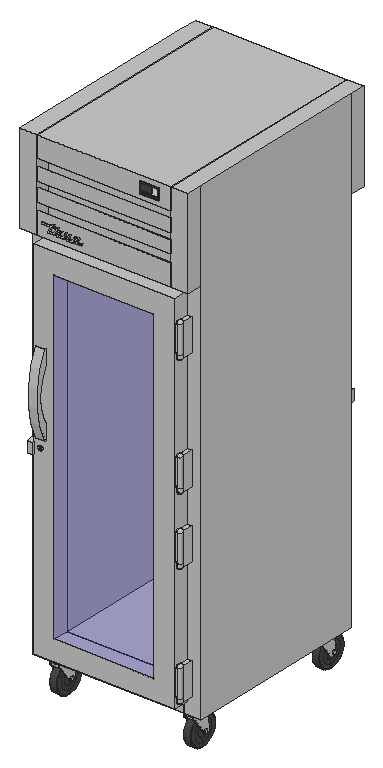
Revit family "QF_TRUE_STG1HPT-1G-1S", category Specialty Equipment, Revit 2012 (continued)
Automatic sketch dimensions
  Extrusion 9 sketch curve to Extrusion 9 sketch curve = 1.42294"
  Extrusion 9 sketch curve to plane 5 "TOP" = 19.57271"
  Extrusion 9 sketch curve to Extrusion 9 sketch curve = 4.39928"
  Extrusion 9 sketch curve to Extrusion 9 sketch curve = 0.71221"
  Revolve 10 sketch curve to plane 4 "FRONT" = 0.26521"  (x2)
  Revolve 10 sketch curve to Revolve 10 sketch curve = 0.38242"
  Revolve 10 sketch curve to Revolve 10 sketch curve = 0.38436"
  Revolve 10 sketch curve to plane 4 "FRONT" = 43/64"
  Revolve 10 sketch curve to Revolve 10 sketch curve = 0.40666"
  Revolve 10 sketch curve to Revolve 10 sketch curve = 0"
  Revolve 10 sketch curve to plane 5 "TOP" = 18.75492"
  Revolve 10 sketch curve to Revolve 10 sketch curve = 0.55526"
  Revolve 10 sketch curve to Revolve 10 sketch curve = 0.19474"
  Revolve 10 sketch curve to Revolve 10 sketch curve = 0.14649"
  Revolve 10 sketch curve to Revolve 10 sketch curve = 4.42889"
  Revolve 10 sketch curve to Revolve 10 sketch curve = 0.05342"
  Revolve 10 sketch curve to Revolve 10 sketch curve = 0.51246"
  Revolve 10 sketch curve to Revolve 10 sketch curve = 0.05889"
  Extrusion 11 sketch curve to plane 3 "RIGHT" = 1.88366"
  Extrusion 11 sketch curve to Extrusion 11 sketch curve = 0.39759"
  Extrusion 11 sketch curve to plane 5 "TOP" = 19.6514"
  Extrusion 11 sketch curve to Extrusion 11 sketch curve = 4.47281"
  Extrusion 12 sketch curve to plane 4 "FRONT" = 11/16"
  Extrusion 12 sketch curve to Extrusion 12 sketch curve = 0.43503"
  Extrusion 12 sketch curve to Extrusion 12 sketch curve = 0.20453"
  Extrusion 12 sketch curve to Extrusion 12 sketch curve = 1.42294"
  plane 6 to Extrusion 12 sketch curve = 38.92729"
  Extrusion 12 sketch curve to Extrusion 12 sketch curve = 4.39928"
  Extrusion 12 sketch curve to Extrusion 12 sketch curve = 0.71221"
  Revolve 13 sketch curve to plane 4 "FRONT" = 0.26521"  (x2)
  Revolve 13 sketch curve to Revolve 13 sketch curve = 0.38242"
  Revolve 13 sketch curve to Revolve 13 sketch curve = 0.38436"
  Revolve 13 sketch curve to plane 4 "FRONT" = 43/64"
  Revolve 13 sketch curve to Revolve 13 sketch curve = 0.40666"
  Revolve 13 sketch curve to Revolve 13 sketch curve = 0"
  Revolve 13 sketch curve to plane 5 "TOP" = 38.25492"
  Revolve 13 sketch curve to Revolve 13 sketch curve = 0.55526"
  Revolve 13 sketch curve to Revolve 13 sketch curve = 0.19474"
  Revolve 13 sketch curve to Revolve 13 sketch curve = 0.14649"
  Revolve 13 sketch curve to Revolve 13 sketch curve = 4.42889"
  Revolve 13 sketch curve to Revolve 13 sketch curve = 0.05342"
  Revolve 13 sketch curve to Revolve 13 sketch curve = 0.51246"
  Revolve 13 sketch curve to Revolve 13 sketch curve = 0.05889"
  Extrusion 14 sketch curve to plane 3 "RIGHT" = 1.88366"
  Extrusion 14 sketch curve to Extrusion 14 sketch curve = 0.39759"
  plane 6 to Extrusion 14 sketch curve = 38.8486"
  Extrusion 14 sketch curve to Extrusion 14 sketch curve = 4.47281"
  Extrusion 15 sketch curve to plane 4 "FRONT" = 11/16"
  Extrusion 15 sketch curve to Extrusion 15 sketch curve = 0.43503"
  Extrusion 15 sketch curve to Extrusion 15 sketch curve = 0.20453"
  Extrusion 15 sketch curve to Extrusion 15 sketch curve = 1.42294"
  plane 6 to Extrusion 15 sketch curve = 27.92729"
  Extrusion 15 sketch curve to Extrusion 15 sketch curve = 4.39928"
  Extrusion 15 sketch curve to Extrusion 15 sketch curve = 0.71221"
  Revolve 16 sketch curve to plane 4 "FRONT" = 0.26521"  (x2)
  Revolve 16 sketch curve to Revolve 16 sketch curve = 0.38242"
  Revolve 16 sketch curve to Revolve 16 sketch curve = 0.38436"
  Revolve 16 sketch curve to plane 4 "FRONT" = 43/64"
  Revolve 16 sketch curve to Revolve 16 sketch curve = 0.40666"
  Revolve 16 sketch curve to Revolve 16 sketch curve = 0"
  plane 6 to Revolve 16 sketch curve = 28.74508"
  Revolve 16 sketch curve to Revolve 16 sketch curve = 0.55526"
  Revolve 16 sketch curve to Revolve 16 sketch curve = 0.19474"
  Revolve 16 sketch curve to Revolve 16 sketch curve = 0.14649"
  Revolve 16 sketch curve to Revolve 16 sketch curve = 4.42889"
  Revolve 16 sketch curve to Revolve 16 sketch curve = 0.05342"
  Revolve 16 sketch curve to Revolve 16 sketch curve = 0.51246"
  Revolve 16 sketch curve to Revolve 16 sketch curve = 0.05889"
  Extrusion 17 sketch curve to plane 3 "RIGHT" = 1.88366"
  Extrusion 17 sketch curve to Extrusion 17 sketch curve = 0.39759"
  plane 6 to Extrusion 17 sketch curve = 27.8486"
  Extrusion 17 sketch curve to Extrusion 17 sketch curve = 4.47281"
  Extrusion 18 sketch curve to plane 4 "FRONT" = 11/16"
  Extrusion 18 sketch curve to Extrusion 18 sketch curve = 0.43503"
  Extrusion 18 sketch curve to Extrusion 18 sketch curve = 0.20453"
  Extrusion 18 sketch curve to Extrusion 18 sketch curve = 1.42294"
  plane 6 to Extrusion 18 sketch curve = 8.17729"
  plane 6 to Extrusion 18 sketch curve = 3.57348"
  Extrusion 18 sketch curve to Extrusion 18 sketch curve = 0.71221"
  Revolve 19 sketch curve to plane 4 "FRONT" = 0.26521"  (x2)
  Revolve 19 sketch curve to Revolve 19 sketch curve = 0.38242"
  Revolve 19 sketch curve to Revolve 19 sketch curve = 0.38436"
  Revolve 19 sketch curve to plane 4 "FRONT" = 43/64"
  Revolve 19 sketch curve to Revolve 19 sketch curve = 0.40666"
  Revolve 19 sketch curve to Revolve 19 sketch curve = 0"
  plane 6 to Revolve 19 sketch curve = 8.99508"
  Revolve 19 sketch curve to Revolve 19 sketch curve = 0.55526"
  Revolve 19 sketch curve to Revolve 19 sketch curve = 0.19474"
  Revolve 19 sketch curve to Revolve 19 sketch curve = 0.14649"
  plane 6 to Revolve 19 sketch curve = 3.62689"
  Revolve 19 sketch curve to Revolve 19 sketch curve = 0.05342"
  Revolve 19 sketch curve to Revolve 19 sketch curve = 0.51246"
  Revolve 19 sketch curve to Revolve 19 sketch curve = 0.05889"
  Extrusion 20 sketch curve to plane 3 "RIGHT" = 1.88366"
  Extrusion 20 sketch curve to Extrusion 20 sketch curve = 0.39759"
  plane 6 to Extrusion 20 sketch curve = 8.0986"
  plane 6 to Extrusion 20 sketch curve = 3.62579"
  Revolve 21 sketch curve to plane 3 "RIGHT" = 4.35148"
  Revolve 21 sketch curve to Revolve 21 sketch curve = 0.48273"
  Revolve 21 sketch curve to Revolve 21 sketch curve = 0.4"
  Revolve 21 sketch curve to Revolve 21 sketch curve = 0"  (x2)
  Revolve 21 sketch curve to Revolve 21 sketch curve = 0.1"  (x2)
  Revolve 21 sketch curve to Revolve 21 sketch curve = 0.16101"
  Revolve 21 sketch curve to Revolve 21 sketch curve = 0.75408"
  Revolve 21 sketch curve to Revolve 21 sketch curve = 0.92798"
  Revolve 21 sketch curve to Revolve 21 sketch curve = 0.06101"
  Revolve 21 sketch curve to Revolve 21 sketch curve = 1/2"
  Revolve 21 sketch curve to Revolve 21 sketch curve = 0.16509"
  Revolve 21 sketch curve to Revolve 21 sketch curve = 0.39592"
  level to Revolve 21 sketch curve = 2 1/2"
  Revolve 21 sketch curve to Revolve 21 sketch curve = 0.29941"  (x2)
  Revolve 21 sketch curve to Revolve 21 sketch curve = 3/4"  (x4)
  Revolve 21 sketch curve to Revolve 21 sketch curve = 0.59652"
  Revolve 21 sketch curve to Revolve 21 sketch curve = 0.60059"
  Extrusion 22 sketch curve to plane 6 = 0.63926"  (x2)
  Extrusion 22 sketch curve to plane 4 "FRONT" = 3.79864"
  Extrusion 22 sketch curve to Extrusion 22 sketch curve = 1/4"  (x2)
  level to Extrusion 22 sketch curve = 2.18736"  (x2)
  Extrusion 22 sketch curve to Extrusion 22 sketch curve = 1.7492"  (x2)
  Extrusion 22 sketch curve to Extrusion 22 sketch curve = 0.50669"  (x2)
  Extrusion 22 sketch curve to Extrusion 22 sketch curve = 2 1/2"  (x2)
  level to Extrusion 22 sketch curve = 2.59003"  (x2)
  Extrusion 22 sketch curve to Extrusion 22 sketch curve = 0.59966"  (x2)
  plane 7 to Extrusion 22 sketch curve = 6.6077"
  Extrusion 22 sketch curve to Extrusion 22 sketch curve = 0.60485"  (x2)
  Extrusion 23 sketch curve to plane 6 = 0.63926"  (x2)
  Extrusion 23 sketch curve to plane 4 "FRONT" = 3.79864"
  Extrusion 23 sketch curve to Extrusion 23 sketch curve = 1/4"  (x2)
  level to Extrusion 23 sketch curve = 2.18736"  (x2)
  Extrusion 23 sketch curve to Extrusion 23 sketch curve = 1.7492"  (x2)
  Extrusion 23 sketch curve to Extrusion 23 sketch curve = 0.50669"  (x2)
  Extrusion 23 sketch curve to Extrusion 23 sketch curve = 2 1/2"  (x2)
  level to Extrusion 23 sketch curve = 2.59003"  (x2)
  Extrusion 23 sketch curve to Extrusion 23 sketch curve = 0.59966"  (x2)
  plane 7 to Extrusion 23 sketch curve = 6.6077"
  Extrusion 23 sketch curve to Extrusion 23 sketch curve = 0.60485"  (x2)
  Revolve 24 sketch curve to plane 6 = 0"
  Revolve 24 sketch curve to plane 6 = 0.63926"
  Revolve 24 sketch curve to plane 3 "RIGHT" = 4.14082"
  Revolve 24 sketch curve to Revolve 24 sketch curve = 1.29707"
  Revolve 24 sketch curve to Revolve 24 sketch curve = 0"
  Revolve 24 sketch curve to Revolve 24 sketch curve = 0.09306"
  plane 6 to Revolve 24 sketch curve = 0.26768"
  Revolve 25 sketch curve to level = 0"
  Revolve 25 sketch curve to plane 6 = 0"
  Revolve 25 sketch curve to plane 3 "RIGHT" = 4.17713"
  level to Revolve 25 sketch curve = 1"
  Revolve 25 sketch curve to plane 3 "RIGHT" = 3 19/32"
  Revolve 25 sketch curve to Revolve 25 sketch curve = 1/4"
  Revolve 25 sketch curve to Revolve 25 sketch curve = 1/2"
  Revolve 25 sketch curve to Revolve 25 sketch curve = 0"
  Revolve 25 sketch curve to Revolve 25 sketch curve = 5/8"
  plane 6 to Revolve 25 sketch curve = 1 25/32"
  Revolve 26 sketch curve to level = 0"
  Revolve 26 sketch curve to plane 6 = 0"
  Revolve 26 sketch curve to plane 3 "RIGHT" = 4.17713"
  level to Revolve 26 sketch curve = 1"
  Revolve 26 sketch curve to plane 3 "RIGHT" = 3 19/32"
  Revolve 26 sketch curve to Revolve 26 sketch curve = 1/4"
  Revolve 26 sketch curve to Revolve 26 sketch curve = 1/2"
  Revolve 26 sketch curve to Revolve 26 sketch curve = 0"
  Revolve 26 sketch curve to Revolve 26 sketch curve = 5/8"
  plane 6 to Revolve 26 sketch curve = 1 25/32"
  Revolve 27 sketch curve to plane 6 = 0"
  Revolve 27 sketch curve to plane 6 = 0.63926"
  Revolve 27 sketch curve to plane 3 "RIGHT" = 4.14082"
  Revolve 27 sketch curve to Revolve 27 sketch curve = 1.29707"
  Revolve 27 sketch curve to Revolve 27 sketch curve = 0"
  Revolve 27 sketch curve to Revolve 27 sketch curve = 0.09306"
  plane 6 to Revolve 27 sketch curve = 0.26768"
  Extrusion 28 sketch curve to plane 6 = 0.63926"  (x2)
  Extrusion 28 sketch curve to plane 4 "FRONT" = 3.79864"
  Extrusion 28 sketch curve to Extrusion 28 sketch curve = 1/4"  (x2)
  Extrusion 28 sketch curve to Extrusion 28 sketch curve = 2 1/2"  (x2)
  Extrusion 28 sketch curve to plane 6 = 0.93273"  (x2)
  Extrusion 28 sketch curve to Extrusion 28 sketch curve = 0.03603"
  plane 7 to Extrusion 28 sketch curve = 6.6077"
  Extrusion 28 sketch curve to plane 6 = 1.24411"
  Revolve 29 sketch curve to plane 3 "RIGHT" = 4.35148"
  Revolve 29 sketch curve to Revolve 29 sketch curve = 0.48273"
  Revolve 29 sketch curve to Revolve 29 sketch curve = 0.4"
  Revolve 29 sketch curve to Revolve 29 sketch curve = 0"  (x2)
  Revolve 29 sketch curve to Revolve 29 sketch curve = 0.1"  (x2)
  Revolve 29 sketch curve to Revolve 29 sketch curve = 0.16101"
  Revolve 29 sketch curve to Revolve 29 sketch curve = 0.75408"
  Revolve 29 sketch curve to Revolve 29 sketch curve = 0.92798"
  Revolve 29 sketch curve to Revolve 29 sketch curve = 0.06101"
  Revolve 29 sketch curve to Revolve 29 sketch curve = 1/2"
  Revolve 29 sketch curve to Revolve 29 sketch curve = 0.16509"
  Revolve 29 sketch curve to Revolve 29 sketch curve = 0.39592"
  level to Revolve 29 sketch curve = 2 1/2"
  Revolve 29 sketch curve to Revolve 29 sketch curve = 0.29941"  (x2)
  Revolve 29 sketch curve to Revolve 29 sketch curve = 3/4"  (x4)
  Revolve 29 sketch curve to Revolve 29 sketch curve = 0.59652"
  Revolve 29 sketch curve to Revolve 29 sketch curve = 0.60059"
  plane 2 "LEFT" to Revolve 30 sketch curve = 1.33602"
  Revolve 30 sketch curve to Revolve 30 sketch curve = 0.48273"
  Revolve 30 sketch curve to Revolve 30 sketch curve = 0.4"
  Revolve 30 sketch curve to Revolve 30 sketch curve = 0"  (x2)
  Revolve 30 sketch curve to Revolve 30 sketch curve = 0.1"  (x2)
  Revolve 30 sketch curve to Revolve 30 sketch curve = 0.16101"
  Revolve 30 sketch curve to Revolve 30 sketch curve = 0.75408"
  Revolve 30 sketch curve to Revolve 30 sketch curve = 0.92798"
  Revolve 30 sketch curve to Revolve 30 sketch curve = 0.06101"
  Revolve 30 sketch curve to Revolve 30 sketch curve = 1/2"
  Revolve 30 sketch curve to Revolve 30 sketch curve = 0.16509"
  Revolve 30 sketch curve to Revolve 30 sketch curve = 0.39592"
  level to Revolve 30 sketch curve = 2 1/2"
  Revolve 30 sketch curve to Revolve 30 sketch curve = 0.29941"  (x2)
  Revolve 30 sketch curve to Revolve 30 sketch curve = 3/4"  (x4)
  Revolve 30 sketch curve to Revolve 30 sketch curve = 0.59652"
  Revolve 30 sketch curve to Revolve 30 sketch curve = 0.60059"
  Extrusion 31 sketch curve to plane 6 = 0.63926"  (x2)
  Extrusion 31 sketch curve to plane 4 "FRONT" = 3.79864"
  Extrusion 31 sketch curve to Extrusion 31 sketch curve = 1/4"  (x2)
  level to Extrusion 31 sketch curve = 2.18736"  (x2)
  Extrusion 31 sketch curve to Extrusion 31 sketch curve = 1.7492"  (x2)
  Extrusion 31 sketch curve to Extrusion 31 sketch curve = 0.50669"  (x2)
  Extrusion 31 sketch curve to Extrusion 31 sketch curve = 2 1/2"  (x2)
  level to Extrusion 31 sketch curve = 2.59003"  (x2)
  Extrusion 31 sketch curve to Extrusion 31 sketch curve = 0.59966"  (x2)
  plane 7 to Extrusion 31 sketch curve = 6.6077"
  Extrusion 31 sketch curve to Extrusion 31 sketch curve = 0.60485"  (x2)
  Extrusion 32 sketch curve to plane 6 = 0.63926"  (x2)
  Extrusion 32 sketch curve to plane 4 "FRONT" = 3.79864"
  Extrusion 32 sketch curve to Extrusion 32 sketch curve = 1/4"  (x2)
  level to Extrusion 32 sketch curve = 2.18736"  (x2)
  Extrusion 32 sketch curve to Extrusion 32 sketch curve = 1.7492"  (x2)
  Extrusion 32 sketch curve to Extrusion 32 sketch curve = 0.50669"  (x2)
  Extrusion 32 sketch curve to Extrusion 32 sketch curve = 2 1/2"  (x2)
  level to Extrusion 32 sketch curve = 2.59003"  (x2)
  Extrusion 32 sketch curve to Extrusion 32 sketch curve = 0.59966"  (x2)
  plane 7 to Extrusion 32 sketch curve = 6.6077"
  Extrusion 32 sketch curve to Extrusion 32 sketch curve = 0.60485"  (x2)
  Revolve 33 sketch curve to plane 6 = 0"
  Revolve 33 sketch curve to plane 6 = 0.63926"
  plane 2 "LEFT" to Revolve 33 sketch curve = 1.54668"
  Revolve 33 sketch curve to Revolve 33 sketch curve = 1.29707"
  Revolve 33 sketch curve to Revolve 33 sketch curve = 0"
  Revolve 33 sketch curve to Revolve 33 sketch curve = 0.09306"
  plane 6 to Revolve 33 sketch curve = 0.26768"
  Revolve 34 sketch curve to level = 0"
  Revolve 34 sketch curve to plane 6 = 0"
  plane 2 "LEFT" to Revolve 34 sketch curve = 1.51037"
  level to Revolve 34 sketch curve = 1"
  plane 2 "LEFT" to Revolve 34 sketch curve = 2 3/32"
  Revolve 34 sketch curve to Revolve 34 sketch curve = 1/4"
  Revolve 34 sketch curve to Revolve 34 sketch curve = 1/2"
  Revolve 34 sketch curve to Revolve 34 sketch curve = 0"
  Revolve 34 sketch curve to Revolve 34 sketch curve = 5/8"
  plane 6 to Revolve 34 sketch curve = 1 25/32"
  Revolve 35 sketch curve to level = 0"
  Revolve 35 sketch curve to plane 6 = 0"
  plane 2 "LEFT" to Revolve 35 sketch curve = 1.51037"
  level to Revolve 35 sketch curve = 1"
  plane 2 "LEFT" to Revolve 35 sketch curve = 2 3/32"
  Revolve 35 sketch curve to Revolve 35 sketch curve = 1/4"
  Revolve 35 sketch curve to Revolve 35 sketch curve = 1/2"
  Revolve 35 sketch curve to Revolve 35 sketch curve = 0"
  Revolve 35 sketch curve to Revolve 35 sketch curve = 5/8"
  plane 6 to Revolve 35 sketch curve = 1 25/32"
  Revolve 36 sketch curve to plane 6 = 0"
  Revolve 36 sketch curve to plane 6 = 0.63926"
  plane 2 "LEFT" to Revolve 36 sketch curve = 1.54668"
  Revolve 36 sketch curve to Revolve 36 sketch curve = 1.29707"
  Revolve 36 sketch curve to Revolve 36 sketch curve = 0"
  Revolve 36 sketch curve to Revolve 36 sketch curve = 0.09306"
  plane 6 to Revolve 36 sketch curve = 0.26768"
  Extrusion 37 sketch curve to plane 6 = 0.63926"  (x2)
  Extrusion 37 sketch curve to plane 4 "FRONT" = 3.79864"
  Extrusion 37 sketch curve to Extrusion 37 sketch curve = 1/4"  (x2)
  Extrusion 37 sketch curve to Extrusion 37 sketch curve = 2 1/2"  (x2)
  Extrusion 37 sketch curve to plane 6 = 0.93273"  (x2)
  Extrusion 37 sketch curve to Extrusion 37 sketch curve = 0.03603"
  plane 7 to Extrusion 37 sketch curve = 6.6077"
  Extrusion 37 sketch curve to plane 6 = 1.24411"
  plane 2 "LEFT" to Revolve 38 sketch curve = 1.33602"
  Revolve 38 sketch curve to Revolve 38 sketch curve = 0.48273"
  Revolve 38 sketch curve to Revolve 38 sketch curve = 0.4"
  Revolve 38 sketch curve to Revolve 38 sketch curve = 0"  (x2)
  Revolve 38 sketch curve to Revolve 38 sketch curve = 0.1"  (x2)
  Revolve 38 sketch curve to Revolve 38 sketch curve = 0.16101"
  Revolve 38 sketch curve to Revolve 38 sketch curve = 0.75408"
  Revolve 38 sketch curve to Revolve 38 sketch curve = 0.92798"
  Revolve 38 sketch curve to Revolve 38 sketch curve = 0.06101"
  Revolve 38 sketch curve to Revolve 38 sketch curve = 1/2"
  Revolve 38 sketch curve to Revolve 38 sketch curve = 0.16509"
  Revolve 38 sketch curve to Revolve 38 sketch curve = 0.39592"
  level to Revolve 38 sketch curve = 2 1/2"
  Revolve 38 sketch curve to Revolve 38 sketch curve = 0.29941"  (x2)
  Revolve 38 sketch curve to Revolve 38 sketch curve = 3/4"  (x4)
  Revolve 38 sketch curve to Revolve 38 sketch curve = 0.59652"
  Revolve 38 sketch curve to Revolve 38 sketch curve = 0.60059"
  Extrusion 39 sketch curve to plane 3 "RIGHT" = 2 55/64"
  Extrusion 39 sketch curve to plane 3 "RIGHT" = 3/64"
  plane 7 to Extrusion 39 sketch curve = 2 3/4"
  plane 7 to Extrusion 39 sketch curve = 3/16"
  plane 2 "LEFT" to Extrusion 40 sketch curve = 3/64"
  plane 7 to Extrusion 40 sketch curve = 3/16"
  Extrusion 40 sketch curve to Extrusion 40 sketch curve = 2 13/16"
  Extrusion 40 sketch curve to Extrusion 40 sketch curve = 2 9/16"
  plane 7 to Extrusion 41 sketch curve = 0.67295"
  Extrusion 41 sketch curve to Extrusion 41 sketch curve = 0.43503"
  Extrusion 41 sketch curve to Extrusion 41 sketch curve = 0.20453"
  Extrusion 41 sketch curve to Extrusion 41 sketch curve = 1 7/16"
  Extrusion 41 sketch curve to plane 5 "TOP" = 19.57271"
  Extrusion 41 sketch curve to Extrusion 41 sketch curve = 4.39928"
  Extrusion 41 sketch curve to Extrusion 41 sketch curve = 0.71221"
  plane 7 to Revolve 42 sketch curve = 0.25067"  (x2)
  Revolve 42 sketch curve to Revolve 42 sketch curve = 0.38242"
  Revolve 42 sketch curve to Revolve 42 sketch curve = 0.38436"
  plane 7 to Revolve 42 sketch curve = 0.65733"
  Revolve 42 sketch curve to Revolve 42 sketch curve = 0.40666"
  Revolve 42 sketch curve to Revolve 42 sketch curve = 0"
  Revolve 42 sketch curve to plane 5 "TOP" = 18.75492"
  Revolve 42 sketch curve to Revolve 42 sketch curve = 0.55526"
  Revolve 42 sketch curve to Revolve 42 sketch curve = 0.19474"
  Revolve 42 sketch curve to Revolve 42 sketch curve = 0.14649"
  Revolve 42 sketch curve to Revolve 42 sketch curve = 4.42889"
  Revolve 42 sketch curve to Revolve 42 sketch curve = 0.05342"
  Revolve 42 sketch curve to Revolve 42 sketch curve = 0.51246"
  Revolve 42 sketch curve to Revolve 42 sketch curve = 0.05889"
  plane 2 "LEFT" to Extrusion 43 sketch curve = 1.88366"
  Extrusion 43 sketch curve to Extrusion 43 sketch curve = 0.39759"
  Extrusion 43 sketch curve to plane 5 "TOP" = 19.6514"
  Extrusion 43 sketch curve to Extrusion 43 sketch curve = 4.47281"
  plane 7 to Extrusion 44 sketch curve = 0.67295"
  Extrusion 44 sketch curve to Extrusion 44 sketch curve = 0.43503"
  Extrusion 44 sketch curve to Extrusion 44 sketch curve = 0.20453"
  Extrusion 44 sketch curve to Extrusion 44 sketch curve = 1 7/16"
  plane 6 to Extrusion 44 sketch curve = 38.92729"
  Extrusion 44 sketch curve to Extrusion 44 sketch curve = 4.39928"
  Extrusion 44 sketch curve to Extrusion 44 sketch curve = 0.71221"
  plane 7 to Revolve 45 sketch curve = 0.25067"  (x2)
  Revolve 45 sketch curve to Revolve 45 sketch curve = 0.38242"
  Revolve 45 sketch curve to Revolve 45 sketch curve = 0.38436"
  plane 7 to Revolve 45 sketch curve = 0.65733"
  Revolve 45 sketch curve to Revolve 45 sketch curve = 0.40666"
  Revolve 45 sketch curve to Revolve 45 sketch curve = 0"
  Revolve 45 sketch curve to plane 5 "TOP" = 38.25492"
  Revolve 45 sketch curve to Revolve 45 sketch curve = 0.55526"
  Revolve 45 sketch curve to Revolve 45 sketch curve = 0.19474"
  Revolve 45 sketch curve to Revolve 45 sketch curve = 0.14649"
  Revolve 45 sketch curve to Revolve 45 sketch curve = 4.42889"
  Revolve 45 sketch curve to Revolve 45 sketch curve = 0.05342"
  Revolve 45 sketch curve to Revolve 45 sketch curve = 0.51246"
  Revolve 45 sketch curve to Revolve 45 sketch curve = 0.05889"
  plane 2 "LEFT" to Extrusion 46 sketch curve = 1.88366"
  Extrusion 46 sketch curve to Extrusion 46 sketch curve = 0.39759"
  plane 6 to Extrusion 46 sketch curve = 38.8486"
  Extrusion 46 sketch curve to Extrusion 46 sketch curve = 4.47281"
  plane 7 to Extrusion 47 sketch curve = 0.67295"
  Extrusion 47 sketch curve to Extrusion 47 sketch curve = 0.43503"
  Extrusion 47 sketch curve to Extrusion 47 sketch curve = 0.20453"
  Extrusion 47 sketch curve to Extrusion 47 sketch curve = 1 7/16"
  plane 6 to Extrusion 47 sketch curve = 27.92729"
  Extrusion 47 sketch curve to Extrusion 47 sketch curve = 4.39928"
  Extrusion 47 sketch curve to Extrusion 47 sketch curve = 0.71221"
  plane 7 to Revolve 48 sketch curve = 0.25066"  (x2)
  Revolve 48 sketch curve to Revolve 48 sketch curve = 0.38242"
  Revolve 48 sketch curve to Revolve 48 sketch curve = 0.38436"
  plane 7 to Revolve 48 sketch curve = 0.65733"
  Revolve 48 sketch curve to Revolve 48 sketch curve = 0.40666"
  Revolve 48 sketch curve to Revolve 48 sketch curve = 0"
  plane 6 to Revolve 48 sketch curve = 28.74508"
  Revolve 48 sketch curve to Revolve 48 sketch curve = 0.55526"
  Revolve 48 sketch curve to Revolve 48 sketch curve = 0.19474"
  Revolve 48 sketch curve to Revolve 48 sketch curve = 0.14649"
  Revolve 48 sketch curve to Revolve 48 sketch curve = 4.42889"
  Revolve 48 sketch curve to Revolve 48 sketch curve = 0.05342"
  Revolve 48 sketch curve to Revolve 48 sketch curve = 0.51246"
  Revolve 48 sketch curve to Revolve 48 sketch curve = 0.05889"
  plane 2 "LEFT" to Extrusion 49 sketch curve = 1.88366"
  Extrusion 49 sketch curve to Extrusion 49 sketch curve = 0.39759"
  plane 6 to Extrusion 49 sketch curve = 27.8486"
  Extrusion 49 sketch curve to Extrusion 49 sketch curve = 4.47281"
  plane 7 to Extrusion 50 sketch curve = 0.67295"
  Extrusion 50 sketch curve to Extrusion 50 sketch curve = 0.43503"
  Extrusion 50 sketch curve to Extrusion 50 sketch curve = 0.20453"
  Extrusion 50 sketch curve to Extrusion 50 sketch curve = 1 7/16"
  plane 6 to Extrusion 50 sketch curve = 8.17729"
  plane 6 to Extrusion 50 sketch curve = 3.57348"
  Extrusion 50 sketch curve to Extrusion 50 sketch curve = 0.71221"
  plane 7 to Revolve 51 sketch curve = 0.25066"  (x2)
  Revolve 51 sketch curve to Revolve 51 sketch curve = 0.38242"
  Revolve 51 sketch curve to Revolve 51 sketch curve = 0.38436"
  plane 7 to Revolve 51 sketch curve = 0.65733"
  Revolve 51 sketch curve to Revolve 51 sketch curve = 0.40666"
  Revolve 51 sketch curve to Revolve 51 sketch curve = 0"
  plane 6 to Revolve 51 sketch curve = 8.99508"
  Revolve 51 sketch curve to Revolve 51 sketch curve = 0.55526"
  Revolve 51 sketch curve to Revolve 51 sketch curve = 0.19474"
  Revolve 51 sketch curve to Revolve 51 sketch curve = 0.14649"
  plane 6 to Revolve 51 sketch curve = 3.62689"
  Revolve 51 sketch curve to Revolve 51 sketch curve = 0.05342"
  Revolve 51 sketch curve to Revolve 51 sketch curve = 0.51246"
  Revolve 51 sketch curve to Revolve 51 sketch curve = 0.05889"
  plane 2 "LEFT" to Extrusion 52 sketch curve = 1.88366"
  Extrusion 52 sketch curve to Extrusion 52 sketch curve = 0.39759"
  plane 6 to Extrusion 52 sketch curve = 8.0986"
  plane 6 to Extrusion 52 sketch curve = 3.62579"
  Blend 53 sketch curve to plane 3 "RIGHT" = 2 9/32"  (x2)
  Blend 53 sketch curve to Blend 53 sketch curve = 3/4"
  plane 6 to Blend 53 sketch curve = 33.35643"
  Blend 53 sketch curve to Blend 53 sketch curve = 1 3/4"
  Blend 53 sketch curve to Blend 53 sketch curve = 0.93223"
  plane 6 to Blend 53 sketch curve = 33.79117"
  Blend 53 sketch curve to Blend 53 sketch curve = 2.78233"
  Extrusion 54 sketch curve to plane 5 "TOP" = 2.55982"
  Extrusion 54 sketch curve to plane 3 "RIGHT" = 7.7246"
  Extrusion 54 sketch curve to Extrusion 54 sketch curve = 2 29/32"
  Extrusion 54 sketch curve to plane 5 "TOP" = 13/16"
  Extrusion 55 sketch curve to plane 5 "TOP" = 3/4"
  Extrusion 55 sketch curve to plane 3 "RIGHT" = 7.7871"
  Extrusion 55 sketch curve to Extrusion 55 sketch curve = 1/16"  (x4)
  Extrusion 55 sketch curve to Extrusion 55 sketch curve = 0.1375"  (x2)
  Extrusion 55 sketch curve to Extrusion 55 sketch curve = 1/4"  (x4)
  Extrusion 55 sketch curve to Extrusion 55 sketch curve = 0.44601"
  Extrusion 55 sketch curve to Extrusion 55 sketch curve = 1/2"  (x2)
  Extrusion 55 sketch curve to Extrusion 55 sketch curve = 0.0035"
  Extrusion 55 sketch curve to Extrusion 55 sketch curve = 1.06923"
  Extrusion 55 sketch curve to plane 5 "TOP" = 0.95"
  Extrusion 55 sketch curve to Extrusion 55 sketch curve = 1"
  Extrusion 55 sketch curve to Extrusion 55 sketch curve = 0.34106"  (x3)
  Extrusion 55 sketch curve to Extrusion 55 sketch curve = 0"
  Extrusion 55 sketch curve to Extrusion 55 sketch curve = 0.26876"
  plane 7 to Extrusion 56 sketch curve = 3/16"
  plane 2 "LEFT" to Extrusion 56 sketch curve = 2 9/32"  (x2)
  Extrusion 56 sketch curve to plane 4 "FRONT" = 3/16"
  Extrusion 56 sketch curve to Extrusion 56 sketch curve = 0.01713"
  Extrusion 56 sketch curve to plane 4 "FRONT" = 0.06697"
  Extrusion 56 sketch curve to plane 3 "RIGHT" = 2.30833"
  Extrusion 56 sketch curve to Extrusion 56 sketch curve = 0.02708"
  Extrusion 56 sketch curve to plane 3 "RIGHT" = 2 9/32"
  plane 7 to Extrusion 56 sketch curve = 0.07688"
  plane 2 "LEFT" to Extrusion 57 sketch curve = 2 9/32"
  Extrusion 57 sketch curve to plane 3 "RIGHT" = 2 9/32"
  Extrusion 57 sketch curve to plane 5 "TOP" = 16 5/32"
  plane 6 to Extrusion 57 sketch curve = 1 29/32"
  plane 2 "LEFT" to Extrusion 58 sketch curve = 2 9/32"
  Extrusion 58 sketch curve to Extrusion 58 sketch curve = 3 11/32"  (x3)
  Extrusion 58 sketch curve to plane 3 "RIGHT" = 5 5/8"
  Extrusion 58 sketch curve to plane 3 "RIGHT" = 2 9/32"
  plane 6 to Extrusion 58 sketch curve = 1 29/32"
  Extrusion 58 sketch curve to plane 5 "TOP" = 19 1/2"
  plane 2 "LEFT" to Extrusion 59 sketch curve = 5 5/8"
  Extrusion 59 sketch curve to plane 3 "RIGHT" = 5 5/8"
  plane 6 to Extrusion 59 sketch curve = 5 1/4"
  Extrusion 59 sketch curve to plane 5 "TOP" = 19 1/2"
  plane 7 to Extrusion 60 sketch curve = 3/16"  (x2)
  Extrusion 60 sketch curve to plane 3 "RIGHT" = 4 9/16"
  Extrusion 60 sketch curve to Extrusion 60 sketch curve = 2.37851"  (x2)
  Extrusion 60 sketch curve to Extrusion 60 sketch curve = 4.42149"
  Extrusion 60 sketch curve to Extrusion 60 sketch curve = 0"
  Extrusion 60 sketch curve to plane 7 = 0.0247"
  plane 7 to Extrusion 60 sketch curve = 7.95429"
  Extrusion 60 sketch curve to Extrusion 60 sketch curve = 7.30945"
  Extrusion 61 sketch curve to plane 3 "RIGHT" = 3.04215"
  Extrusion 61 sketch curve to Extrusion 61 sketch curve = 0.02035"
  Extrusion 61 sketch curve to Extrusion 61 sketch curve = 0.0555"
  plane 6 to Extrusion 61 sketch curve = 31.58145"
  Extrusion 61 sketch curve to Extrusion 61 sketch curve = 0.29355"
  Extrusion 61 sketch curve to Extrusion 61 sketch curve = 0.27385"
  plane 4 "FRONT" to Extrusion 62 sketch curve = 0.02083"  (x2)
  Extrusion 62 sketch curve to plane 4 "FRONT" = 3/16"  (x2)
  Extrusion 62 sketch curve to plane 4 "FRONT" = 7.38715"
  Extrusion 62 sketch curve to Extrusion 62 sketch curve = 7 49/256"
  plane 6 to Extrusion 62 sketch curve = 33.80224"
  Extrusion 62 sketch curve to Extrusion 62 sketch curve = 2.38595"
  Extrusion 62 sketch curve to Extrusion 62 sketch curve = 4.27543"
  Extrusion 62 sketch curve to Extrusion 62 sketch curve = 0"
  plane 2 "LEFT" to Extrusion 63 sketch curve = 3.35465"
  Extrusion 63 sketch curve to Extrusion 63 sketch curve = 0.02035"
  Extrusion 63 sketch curve to Extrusion 63 sketch curve = 0.0555"
  plane 6 to Extrusion 63 sketch curve = 32.13369"
  Extrusion 63 sketch curve to Extrusion 63 sketch curve = 0.29355"
  Extrusion 63 sketch curve to Extrusion 63 sketch curve = 0.27385"
  plane 2 "LEFT" to Extrusion 64 sketch curve = 2 27/32"
  Extrusion 64 sketch curve to plane 4 "FRONT" = 5.09023"
  plane 2 "LEFT" to Extrusion 65 sketch curve = 2 27/32"
  plane 7 to Extrusion 65 sketch curve = 5.44102"
  Extrusion 66 sketch curve to plane 3 "RIGHT" = 2 27/32"
  plane 7 to Extrusion 66 sketch curve = 5.44102"
  Extrusion 67 sketch curve to plane 3 "RIGHT" = 2 27/32"
  Extrusion 67 sketch curve to plane 4 "FRONT" = 5.09023"
  curve 1 to plane 2 "LEFT" = 0"
  plane 4 "FRONT" to curve 9 = 0"
  plane 7 to curve 16 = 0"
  plane 4 "FRONT" to curve 13 = 0"
  curve 4 to plane 3 "RIGHT" = 0"
  plane 2 "LEFT" to curve 19 = 1.05276"
  plane 2 "LEFT" to curve 27 = 1.05276"
  curve 18 to curve 19 = 1.08606"
  curve 26 to curve 28 = 1.08606"
  curve 33 to plane 4 "FRONT" = 3/16"
  plane 2 "LEFT" to curve 33 = 2 9/32"
  plane 7 to curve 34 = 3/16"
  plane 2 "LEFT" to curve 34 = 2 9/32"
  curve 34 to curve 35 = 0.01713"
  plane 4 "FRONT" to curve 42 = 0.02083"
  curve 33 to curve 42 = 7/16"
  plane 2 "LEFT" to curve 26 = 3.55276"
  plane 2 "LEFT" to curve 18 = 3.55276"
  curve 42 to curve 9 = 0.97082"
  curve 9 to curve 39 = 0.52918"
  plane 2 "LEFT" to curve 6 = 5.30512"
  curve 36 to plane 7 = 0.0247"  (x2)
  curve 25 to curve 36 = 4.69868"
  curve 42 to curve 8 = 6.11549"
  curve 38 to curve 37 = 2.37851"
  curve 37 to curve 37 = 4.42149"
  curve 36 to curve 37 = 0"
  curve 37 to curve 16 = 5.44975"
  curve 13 to plane 3 "RIGHT" = 7.7871"
  curve 14 to curve 37 = 3.04628"
  curve 34 to plane 3 "RIGHT" = 5.30829"
  curve 11 to curve 13 = 3 1/32"
  curve 30 to plane 3 "RIGHT" = 4.63474"
  curve 12 to curve 22 = 31/256"
  curve 36 to curve 15 = 0.87293"
  curve 22 to curve 24 = 1.08606"
  curve 30 to curve 31 = 1.08606"
  curve 33 to plane 4 "FRONT" = 0.06697"
  curve 33 to plane 3 "RIGHT" = 2.30833"
  curve 15 to curve 35 = 1.40832"
  curve 33 to curve 6 = 0.02708"
  curve 29 to plane 3 "RIGHT" = 2.13474"
  curve 21 to plane 3 "RIGHT" = 2.13474"
  curve 39 to curve 42 = 1.44792"
  curve 2 to curve 5 = 2 9/16"
  curve 5 to curve 24 = 1.14642"
  curve 5 to curve 20 = 1.14642"
  curve 19 to curve 18 = 0.62704"
  curve 23 to curve 22 = 0.62704"
  curve 36 to curve 37 = 7.30945"
  curve 32 to curve 37 = 0.89929"
  curve 27 to curve 34 = 8.66608"
  curve 27 to curve 27 = 0.62704"
  curve 31 to curve 30 = 0.62704"
  curve 29 to curve 1 = 1 99/128"
  plane 7 to curve 35 = 0.07688"
  radius of Extrusion 7 sketch curve = 1/4"
  radius of Extrusion 61 sketch curve = 0.35"
  radius of Extrusion 63 sketch curve = 0.35"
  radius of Extrusion 64 sketch curve = 1 1/2"
  radius of Extrusion 65 sketch curve = 1 1/2"
  radius of Extrusion 66 sketch curve = 1 1/2"
  radius of Extrusion 67 sketch curve = 1 1/2"
Connectors (in)
  electrical at (24.25, 2.5625, 82), driven by "Volts", driven by "Watts"
    settings: on Extrusion 7, index 1, voltage 208 V, apparent load 1500 VA, apparent load phase1 0 VA, apparent load phase2 0 VA, apparent load phase3 0 VA, power factor 1, load classification "Other", number of poles 1, system type 30, power factor state 1, is connector primary yes, connector utility no, sub classification motor no, connector description "ELECTRICAL CONNECTION"
